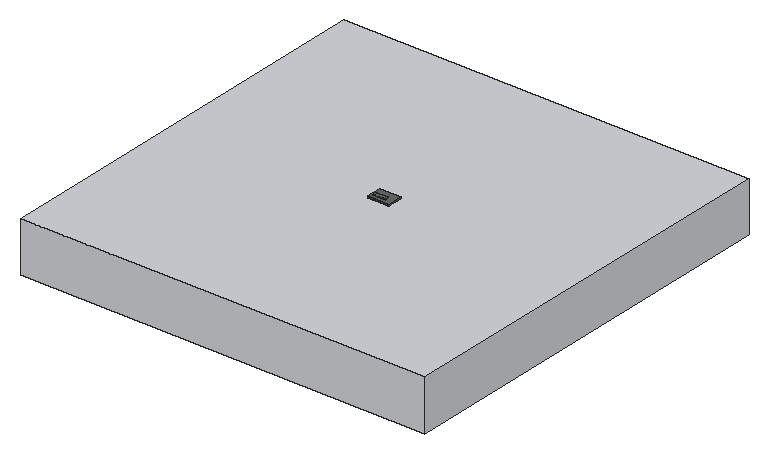
Revit family "Legrand_Hotel_UX_TOUCH_Keycard", category Equipement électrique, Revit 2020
Family settings
  Hôte = Face
  Configuration du panneau = Deux colonnes, circuits au sein
  Cote de connecteur circulaire = Utiliser le diamètre
  Type d'élément = Tableau de raccordement
  Couper avec des vides une fois chargée = Non
  Partagée = Non
  Point de calcul de pièce = Non
Parameters (values of type "Keycard Reader")
  Web configurator = "https://uxforupscalehotel.legrand.com"
  With room temperature controller = no
  With LED indication = yes
  URL = "http://www.legrandoc.com/048770"
  Type of surface = "Brilliant"
  Supply frequency MIN-MAX ( Hz) = "0-0"
  Storage temperature MIN-MAX (°C) = "-20-70"
  Standby consuption (mA) = 12
  Programming way = "Computer"
  Programmable = yes
  Overall width = 129 mm
  Overall height = 93 mm
  Overall depth = 48 mm
  Other bus systems = "Other"
  Operating / setting temperature MIN-MAX (°C) = "0-40"
  Number of buttons = 2
  Mounting method = "Flush mounted (plaster)"
  Mounting bracket Ref 048779 [instance] = yes
  Modèle = "048770"
  Material = LEGRAND - Black plastic
  built-in parameter 1140140 [instance] = 1 (stored number, unit not read)
  General Conditions of Use = "https://export.legrand.com/en/terms-of-use-BIM-objects"
  Flush mount accessory Ref 048788 [instance] = not(Mounting bracket Ref 048779)  # no
  Fabricant = "Legrand"
  Elévation par défaut = 1300 mm
  Description = "key card reader SCS"
  Degree of protection (IP) = "IP20"
  Degree of impact strength (IK) = "IK02"
  built-in parameter 1140142 [instance] = -1
  Colour = "Black"
  Built-in depth = 30 mm
  built-in parameter 1155100 [instance] = -1
  Addressable = yes
Types (3, lengths in mm): name | URL | Modèle | Description
  (no name) | "http://www.legrandoc.com/048771" | "048771" | "key card holder SCS"
  Keycard | "http://www.legrandoc.com/048771" | "048771" | "key card holder SCS"
  Keycard Reader | "http://www.legrandoc.com/048770" | "048770" | "key card reader SCS"
Reference planes
  plane 1 "Centre (avant/arrière)": y = 0
  plane 2: z = 0
  plane 3 "Centre (gauche/droite)": x = 0
Forms (mm)
  Extrusion 1, solid
    sketch origin (0, 0, 0) x (1, 0, 0) y (0, 1, 0)
      loop
        line (-1219.2, 1219.2) -> (-1219.2, -1219.2) -> (1219.2, -1219.2) -> (1219.2, 1219.2) -> (-1219.2, 1219.2)
    from 0 to -304.8
Dimensions and locks
  aligned and locked: plane 2 to Extrusion 1
  aligned and locked: level to Extrusion 1
Nested families
  nested 1: "TOUCH-Porte_Badge" at (0, 0, 0), type "TOUCH-Porte_Badge"
  nested 2: "Commande à badge SCS" at (0, 0, 0), type "Commande à badge SCS"
Connectors
  electrical at (0, 0, 0)
    settings: on nested 1, index 1, voltage 0 V, apparent load 0 VA, apparent load phase1 0 VA, apparent load phase2 0 VA, apparent load phase3 0 VA, power factor 1, load classification "Autre", number of poles 1, system type 30, power factor state 1, is connector primary yes, connector utility no, sub classification motor no, connector description ""
Definition of nested family "TOUCH-Porte_Badge"
  Parameters (values of type "TOUCH-Porte_Badge")
    Matériau = none
    Default Elevation = 0 mm
  Reference planes
    plane 1 "Centre (avant/arrière)": y = 0
    plane 2: z = 0
    plane 3 "Centre (gauche/droite)": x = 0
    plane 4: z = -5.9
    plane 5: z = -30.9
    plane 6: z = 18.1
    plane 7: x = 64.5
    plane 8: x = -64.5
    plane 9: y = 46.5
    plane 10: y = -46.5
    plane 11: x = 16.5
    plane 12: x = -16.5
    plane 13: z = 11.5
    plane 14: x = -49.5
    plane 15: x = 24.5
    plane 16: y = -21.5
    plane 17: x = 62.5
    plane 18: y = 44.5
    plane 19: x = -47.5
    plane 20: y = -6.794
  Forms (mm)
    Extrusion 1, solid, material <- "Matériau"
      sketch origin (0, 0, 0) x (0, -1, 0) y (1, 0, 0)
        loop
          line (-26.5, 26.5) -> (-26.5, -26.5) -> (26.5, -26.5) -> (26.5, 26.5) -> (-26.5, 26.5)
      from -5.9 to 0
    Extrusion 2, solid, material <- "Matériau"
      sketch origin (0, 0, 0) x (0, -1, 0) y (1, 0, 0)
        loop
          line (-16.5, 16.5) -> (-16.5, -16.5) -> (16.5, -16.5) -> (16.5, 16.5) -> (-16.5, 16.5)
      from -30.9 to -5.9
    Extrusion 3, solid, material <- "Matériau"
      sketch origin (0, 0, 0) x (1, 0, 0) y (0, 1, 0)
        loop
          line (-64.5, 46.5) -> (-64.5, -46.5) -> (64.5, -46.5) -> (64.5, 46.5) -> (-64.5, 46.5)
      from 0 to 11.5
    Sweep 4, void
      path origin (0, 0, 0) x (1, 0, 0) y (0, 1, 0)
        loop
          line (-64.5, 46.5) -> (-64.5, -46.5) -> (64.5, -46.5) -> (64.5, 46.5) -> (-64.5, 46.5)
      profile origin (0, 46.5, 0) x (0, 1, 0) y (0, 0, 1)
        loop
          arc (0, 11.5) -> (-1.004, 5.704) -> (-4.308, 0.837) r 13.947
          arc (-4.308, 0.837) -> (-5.255, 0.224) -> (-6.36, 0) r 3.03
          line (-6.36, 0) -> (-6.36, -5) -> (1.64, -5) -> (1.64, 11.5) -> (0, 11.5)
    Sweep 5, solid, material <- "Matériau"
      path origin (-25, 0, 0) x (-1, 0, 0) y (0, -1, 0)
        loop
          line (-49.5, 0) -> (24.5, 0)
      profile origin (-49.5, 0, 0) x (0, -1, 0) y (0, 0, 1)
        loop
          line (21.5, 11.5) -> (21.5, 14.8) -> (5, 18.1) -> (4.798, 17.09) -> (20.5, 13.949) -> (20.5, 12.5) -> (0, 12.5) -> (0, 11.5) -> (21.5, 11.5)
    Extrusion 6, void
      sketch origin (0, 0, 0) x (1, 0, 0) y (0, 1, 0)
        loop
          line (-47.5, -4.798) -> (-47.5, -2.71) -> (-50.941, -2.71) -> (-50.941, -6.794) -> (-49.5, -6.794)
          arc (-49.5, -6.794) -> (-48.913, -5.382) -> (-47.5, -4.798) r 2
      from 15.733 to 20.167
    Extrusion 7, void
      sketch origin (-25, 0, 0) x (-1, 0, 0) y (0, -1, 0)
        loop
          arc (-47.5, 4.798) -> (-48.913, 5.382) -> (-49.5, 6.794) r 2
          line (-49.5, 6.794) -> (-50.941, 6.794) -> (-50.941, 2.71) -> (-47.5, 2.71) -> (-47.5, 4.798)
      from 15.733 to 20.167
    Extrusion 8, void
      sketch origin (0, 4.798, 0) x (1, 0, 0) y (0, 1, 0)
        loop
          line (-47.5, -4.798) -> (-47.5, -2.71) -> (-50.941, -2.71) -> (-50.941, -6.794) -> (-49.5, -6.794)
          arc (-49.5, -6.794) -> (-48.913, -5.382) -> (-47.5, -4.798) r 2
      from 11.5 to 20.167
    Extrusion 9, void
      sketch origin (-25, 4.798, 0) x (-1, 0, 0) y (0, -1, 0)
        loop
          arc (-47.5, 4.798) -> (-48.913, 5.382) -> (-49.5, 6.794) r 2
          line (-49.5, 6.794) -> (-50.941, 6.794) -> (-50.941, 2.71) -> (-47.5, 2.71) -> (-47.5, 4.798)
      from 11.5 to 20.167
  Cuts and joins
    joined: Extrusion 1, Extrusion 2
    Sweep 4, Extrusion 6, Extrusion 9 cuts Extrusion 3
    Extrusion 6, Extrusion 7, Extrusion 8, Extrusion 9 cuts Sweep 5
  Lines and regions (mm)
    model lines
      curve 1: line (-49.5, 8.5, 0) -> (24.5, 8.5, 0)
  Dimensions and locks
    plane 8 to plane 7 = 129 mm
    plane 10 to plane 9 = 93 mm
    plane 12 to plane 11 = 33 mm
    plane 6 to plane 2 = 18.1 mm
    plane 5 to plane 4 to plane 2 to plane 6 = 25 mm, 5.9 mm, 18.1 mm
    plane 5 to plane 6 = 49 mm
    plane 2 to plane 13 = 11.5 mm
    plane 13 to plane 2 = 11.5 mm
    plane 10 to plane 16 to cut or joined group of Extrusion 1, Extrusion 2 = 25 mm, 5 mm
    aligned and locked: level to plane 2
Definition of nested family "Commande à badge SCS"
  Parameters (values of type "Commande à badge SCS")
    Matériau = none
    built-in parameter 1140140 [instance] = 1 (stored number, unit not read)
    Default Elevation = 0 mm
    built-in parameter 1140142 [instance] = -1
    built-in parameter 1155100 [instance] = -1
  Reference planes
    plane 1 "Centre (avant/arrière)": y = 0
    plane 2: z = 0
    plane 3 "Centre (gauche/droite)": x = 0
    plane 4: z = 11.5
    plane 5: x = -64.5
    plane 6: x = 64.5
    plane 7: y = 46.5
    plane 8: y = -46.5
  Lines and regions (mm)
    model lines
      curve 1: circle (44.5, 0, 11.5) r 4.251 normal (0, 0, 1)
      curve 2: arc (46, 1.751, 11.5) -> (44.5, 2.799, 11.5) -> (43, 1.751, 11.5) r 1.597
      curve 3: arc (44, -2.751, 11.5) -> (44.5, -3.262, 11.5) -> (45, -2.751, 11.5) r 0.5
      curve 4: arc (45.249, 30.25, 11.5) -> (43.249, 31.25, 11.5) -> (41.249, 30.25, 11.5) r 2.5
      curve 5: arc (47.4, 27.25, 11.5) -> (46.595, 26.676, 11.5) -> (46.249, 25.75, 11.5) r 1.69
      curve 6: arc (48.751, 25.75, 11.5) -> (48.405, 26.676, 11.5) -> (47.6, 27.25, 11.5) r 1.69
      curve 7: line (47.5, 3.012, 11.5) -> (41.5, -3.012, 11.5)
      curve 8: line (43, 1.751, 11.5) -> (42.5, -2.751, 11.5)
      curve 9: line (42.5, -2.751, 11.5) -> (46.5, -2.751, 11.5)
      curve 10: line (46.5, -2.751, 11.5) -> (46, 1.751, 11.5)
      curve 11: line (-15.5, 6.5, 11.5) -> (-12.5, 2.5, 11.5)
      curve 12: line (-12.5, 2.5, 11.5) -> (-9.5, 6.5, 11.5)
      curve 13: line (46.249, 30.25, 11.5) -> (40.249, 30.25, 11.5)
      curve 14: line (40.249, 30.25, 11.5) -> (41.749, 23.25, 11.5)
      curve 15: line (41.749, 23.25, 11.5) -> (44.749, 23.25, 11.5)
      curve 16: line (44.749, 23.25, 11.5) -> (46.249, 30.25, 11.5)
      curve 17: line (47.6, 27.25, 11.5) -> (47.6, 33.25, 11.5)
      curve 18: line (47.6, 33.25, 11.5) -> (47.4, 33.25, 11.5)
      curve 19: line (47.4, 33.25, 11.5) -> (47.4, 27.25, 11.5)
      curve 20: line (46.249, 25.75, 11.5) -> (46.249, 23.25, 11.5)
      curve 21: line (46.249, 23.25, 11.5) -> (48.751, 23.25, 11.5)
      curve 22: line (48.751, 23.25, 11.5) -> (48.751, 25.75, 11.5)
      curve 23: line (-15.5, 9.5, 11.5) -> (-12.5, 5.5, 11.5)
      curve 24: line (-12.5, 5.5, 11.5) -> (-9.5, 9.5, 11.5)
      curve 25: line (-15.5, 12.5, 11.5) -> (-12.5, 8.5, 11.5)
      curve 26: line (-12.5, 8.5, 11.5) -> (-9.5, 12.5, 11.5)
  Dimensions and locks
    plane 5 to plane 6 = 129 mm
    plane 8 to plane 7 = 93 mm
    aligned and locked: level to plane 2
